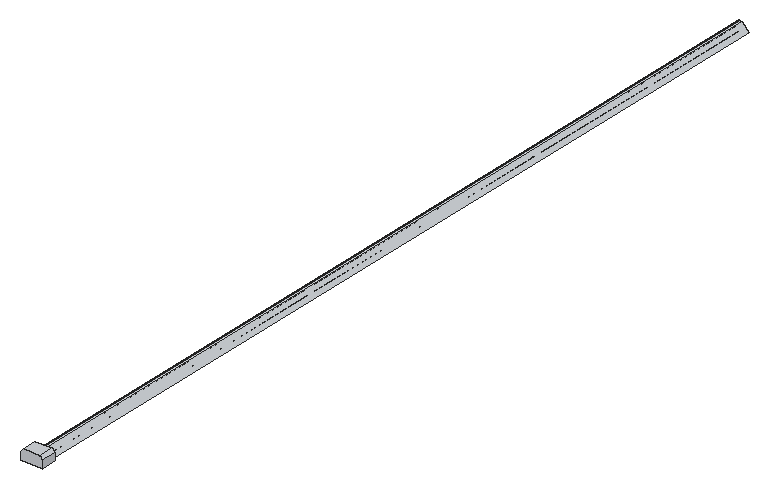
Revit family "HL3(DX3)-60-150", category Mechanical Equipment, Revit 2012
Parameters
  Weight = "265 Pounds"
  Voltage = 120 V
  URL = "www.DetroitRadiant.com"
  Top Clearance = 0' - 6"
  Stage = "HL3 (Two), DX3 (Single)"
  Side Clearances = 2' - 0"
  Recommended Mounting Height = "17' to 40'"
  Note = "Low fire input for HL3 series only"
  Model = "HL3(DX3)-60-150"
  Material (Radiant Tubes) = "Black Coated Aluminized Steel"
  Material (Combustion Tube) = "Titanium Coated Aluminized Steel"
  Manufacturer = "Detroit Radiant Products Company"
  Length = 60' - 5"
  Heat Gain (Low Fire) = 100000.0 Btu/h
  Heat Gain (High Fire) = 150000.0 Btu/h
  Gas Type = "N or LP"
  Frequency = 60 Hz
  Below Clearance = 6' - 9"
Reference planes (in)
  plane 1 "Center (Front/Back)": y = 0
  plane 2: z = 0
  plane 3 "Center (Left/Right)": x = 0
Dimensions and locks (in)
  aligned and locked: plane 2 to level
Nested families (in)
  nested 1: "V3 Box With 60' Tube Assembly" at (0, 0, 0) x (-1, 0, 0) z (0, 0, 1), type "Infra-Red"
Definition of nested family "V3 Box With 60' Tube Assembly"
  Parameters (values of type "Infra-Red")
    Weight = ""
    Voltage = 0 V
    URL = "www.DetroitRadiant.com"
    Top Clearance = 0' - 0"
    Stage = ""
    Side Clearances = 0' - 0"
    Recommended Mounting Height = ""
    Material = ""
    Manufacturer = "Detroit Radiant Products Company"
    Length = 0' - 0"
    Heat Gain (Low Fire) = 0.0 Btu/h
    Heat Gain (High Fire) = 0.0 Btu/h
    Gas Type = ""
    Frequency = 0 Hz
    Current = 0 A
    Below Clearance = 0' - 0"
    Back Clearance = 0' - 0"
    Apparent Power = 0 VA
  Reference planes (in)
    plane 1 "Center (Front/Back)": y = 0
    plane 2: z = 0
    plane 3 "Center (Left/Right)": x = 0
  Forms (in)
    Extrusion 1, solid
      sketch origin (0, 0, 0) x (1, 0, 0) y (0, 0, 1)
        loop
          line (-6.375, 8.625) -> (-9, 6) -> (-9, 0) -> (9.5, 0) -> (9.5, 6) -> (6.875, 8.625) -> (-6.375, 8.625)
      from 12 to 0
    Extrusion 2, solid
      sketch origin (0, -12, -0.80973) x (1, 0, 0) y (0, 0, 1)
        loop
          line (-6.25, 1.1425) -> (-6, 1.1425) -> (-1.00787, 7.21737) -> (0.25, 6.625) -> (1.50787, 7.21737) -> (6.5, 1.1425) -> (6.75, 1.1425) -> (1.54, 7.4825) -> (0.25, 6.875) -> (-1.04, 7.4825) -> (-6.25, 1.1425)
      from 713 to 0
  Lines and regions (in)
    model lines
      curve 1: line (-9, 0, 0) -> (9.5, 0, 0)
  Dimensions and locks (in)
    aligned and locked: plane 2 to level
  Nested families (in)
    nested 1: "50' Tube (Black)" at (13.81098, -260, 0.38558) x (0, 1, 0) z (0, 0, 1), type "10' Burner"
    nested 2: "10'" at (13.81098, -144, 0.38558) x (0, 1, 0) z (0, 0, 1), type "10' Burner"
  Definition of nested family "50' Tube (Black)"
    Parameters (values of type "10' Burner")
      h = 0.0 Btu/h
      Tube = none
      Reflector = none
      Heating = 50000 VA  # 170607.1 Btu/h
      Hanger = none
    Reference planes (in)
      plane 1 "Center (Front/Back)": y = 0
      plane 2: z = 0
      plane 3 "Center (Left/Right)": x = 0
    Forms (in)
      Extrusion 1, solid, material "Default 3"
        sketch origin (96, 292.12195, 0) x (0, -1, 0) y (0, 0, 1)
          loop
            circle (278.56098, 1.61442) r 2
          loop
            circle (278.56098, 1.61442) r 1.80078
        from 116 to 0
      Extrusion 2, solid, material "Default 3"
        sketch origin (-24, -265, 0) x (0, 1, 0) y (0, 0, 1)
          loop
            circle (278.56098, 1.61442) r 1.60156
          loop
            circle (278.56098, 1.61442) r 1.80078
        from 4 to 0
      Extrusion 3, solid, material "Default 3"
        sketch origin (-20, 292.12195, 0) x (0, -1, 0) y (0, 0, 1)
          loop
            circle (278.56098, 1.61442) r 2
          loop
            circle (278.56098, 1.61442) r 1.80078
        from 116 to 0
      Extrusion 4, solid, material "Default 3"
        sketch origin (-140, -265, 0) x (0, 1, 0) y (0, 0, 1)
          loop
            circle (278.56098, 1.61442) r 1.60156
          loop
            circle (278.56098, 1.61442) r 1.80078
        from 4 to 0
      Extrusion 5, solid, material "Default 3"
        sketch origin (-136, 292.12195, 0) x (0, -1, 0) y (0, 0, 1)
          loop
            circle (278.56098, 1.61442) r 2
          loop
            circle (278.56098, 1.61442) r 1.80078
        from 116 to 0
      Extrusion 6, solid, material "Default 3"
        sketch origin (-256, -264.841, 0) x (0, 1, 0) y (0, 0, 1)
          loop
            circle (278.56098, 1.61442) r 1.60156
          loop
            circle (278.56098, 1.61442) r 1.80078
        from 4 to 0
      Extrusion 7, solid, material "Default 3"
        sketch origin (-252, 292.12195, 0) x (0, -1, 0) y (0, 0, 1)
          loop
            circle (278.56098, 1.61442) r 2
          loop
            circle (278.56098, 1.61442) r 1.80078
        from 116 to 0
      Extrusion 8, solid, material "Default 3"
        sketch origin (-372, -265, 0) x (0, 1, 0) y (0, 0, 1)
          loop
            circle (278.56098, 1.61442) r 1.60156
          loop
            circle (278.56098, 1.61442) r 1.80078
        from 4 to 0
      Extrusion 9, solid, material "Default 3"
        sketch origin (-368, 292.12195, 0) x (0, -1, 0) y (0, 0, 1)
          loop
            circle (278.56098, 1.61442) r 2
          loop
            circle (278.56098, 1.61442) r 1.80078
        from 93 to 0
      Extrusion 10, solid, material "Default 3"
        sketch origin (-465, -265, 0) x (0, 1, 0) y (0, 0, 1)
          loop
            circle (278.56098, 1.61442) r 1.60156
          loop
            circle (278.56098, 1.61442) r 1.80078
        from 4 to 0
    Lines and regions (in)
      model lines
        curve 1: circle (0, 13.56098, 1.61442) r 1.80078 normal (1, 0, 0)
        curve 2: circle (0, 13.56098, 1.61442) r 1.60156 normal (1, 0, 0)
        curve 3: circle (-133, 13.56098, 1.61442) r 1.80078 normal (1, 0, 0)
        curve 4: circle (-133, 13.56098, 1.61442) r 1.60156 normal (1, 0, 0)
        curve 5: circle (-248.04168, 13.71997, 1.61442) r 1.80078 normal (1, 0, 0)
        curve 6: circle (-248.04168, 13.71997, 1.61442) r 1.60156 normal (1, 0, 0)
    Dimensions and locks (in)
      aligned and locked: plane 2 to level
  Definition of nested family "10'"
    Parameters (values of type "Tube")
      h = 0.0 Btu/h
      Tube = none
      Reflector = none
      Heating = 50000 VA  # 170607.1 Btu/h
      Hanger = none
    Types (2): name
      10' Burner
      Tube
    Reference planes (in)
      plane 1 "Center (Front/Back)": y = 0
      plane 2: z = 0
      plane 3 "Center (Left/Right)": x = 0
    Forms (in)
      Extrusion 1, solid, material "Default 3"
        sketch origin (132, 292.12195, 0) x (0, -1, 0) y (0, 0, 1)
          loop
            circle (278.56098, 1.61442) r 2
          loop
            circle (278.56098, 1.61442) r 1.80078
        from 152 to 0
      Extrusion 2, solid, material "Default 3"
        sketch origin (-24, -265, 0) x (0, 1, 0) y (0, 0, 1)
          loop
            circle (278.56098, 1.61442) r 1.60156
          loop
            circle (278.56098, 1.61442) r 1.80078
        from 4 to 0
    Lines and regions (in)
      model lines
        curve 1: circle (0, 13.56098, 1.61442) r 1.80078 normal (1, 0, 0)
        curve 2: circle (0, 13.56098, 1.61442) r 1.60156 normal (1, 0, 0)
    Dimensions and locks (in)
      aligned and locked: plane 2 to level
